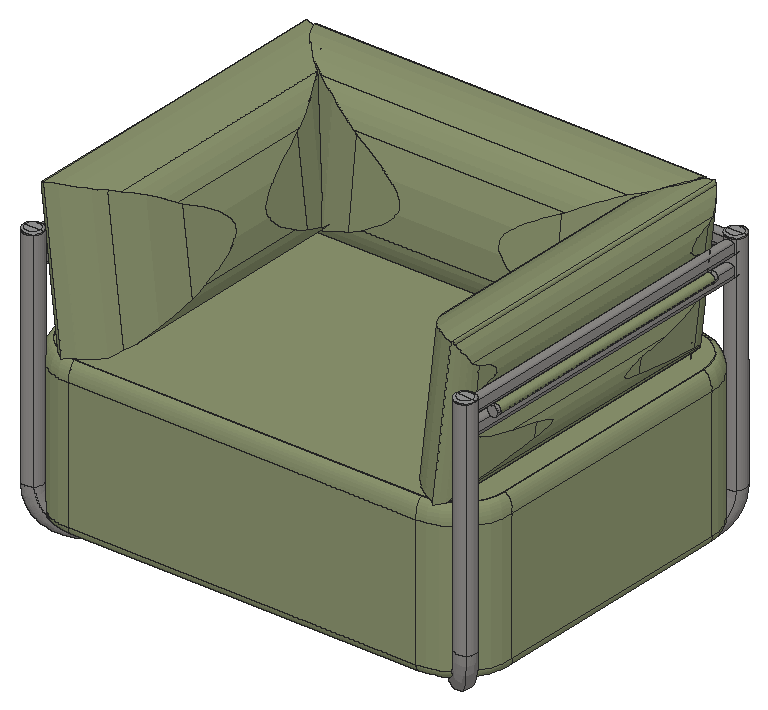
Revit family "FU_Modular_Sandler_Cosmo 1500", category Furniture, Revit 2020
Family settings
  OmniClass Number = 23.40.20.00
  OmniClass Title = General Furniture and Specialties
  Work Plane-Based = No
  Always vertical = Yes
  Cut with Voids When Loaded = No
  Shared = No
  Room Calculation Point = No
Parameters (values of type "Cosmo 1500")
  Width = 1110 mm
  URL = "https://www.sandlerseating.com/product/cosmo-1500/"
  Seat [instance] = Fabric - X2 - Algebra AK005
  Model = "Cosmo 1500"
  Manufacturer = "Sandler"
  Height = 800 mm
  Frame [instance] = Metal - Paint -AL VR - Pewter
  Description = "This comfortable armchair is part of the Cosmo range of modular seating. Upholstered seat, back, and armrests. Exposed steel frame that comes in a variety of color options."
  Depth = 880 mm
  Default Elevation = 0 mm
Reference planes
  plane 1 "Center (Front/Back)": y = 0
  plane 2: z = 0
  plane 3 "Center (Left/Right)": x = 0
  plane 4 "Right": x = -555
  plane 5 "Left": x = 555
  plane 6 "Back": y = 440
  plane 7 "Front": y = -440
  plane 8 "Height": z = 800
  plane 9 "Seat height": z = 440
  plane 10 "Frame Base C RIGHT": z = 33.282
  plane 11 "Frame Front C RIGHT": y = -414.45
  plane 12 "Frame Back C RIGHT": y = 415.775
  plane 13 "Frame Left C FRONT": x = 530.501
  plane 14 "Frame Back Left C TOP": through (209.563, 94.979, 1200) normal (-0.7071, 0.7071, 0)
  plane 15 "Frame Front C TOP": through (209.497, -93.945, 1200) normal (0.7071, 0.7071, 0)
  plane 16 "Frame Right C FRONT": x = -530.501
Forms (mm)
  Sweep 1, solid, material "Metal - Paint -AL VR - Pewter" <- "Frame"
    path origin (0, 0, 33.282) x (0, -1, 0) y (1, 0, 0)
      loop
        line (319.706, 435.757) -> (73.771, 189.822)
        arc (73.771, 189.822) -> (-0.733, 158.961) -> (-75.238, 189.822) r 105.365
        line (-75.238, 189.822) -> (-321.173, 435.757)
    profile "Pro_Circles : 48mm" origin (312.789, -196.738, 33.282) x (-0.707107, -0.707107, 0) y (0, 0, 1)
      loop
        arc (-23.967, 0.067) -> (-17.014, -16.92) -> (-0.066, -23.967) r 23.901
        arc (-0.066, -23.967) -> (16.967, -16.967) -> (23.967, 0.067) r 23.901
        arc (23.967, 0.067) -> (16.92, 17.014) -> (-0.067, 23.967) r 23.9
        arc (-0.067, 23.967) -> (-16.966, 16.966) -> (-23.967, 0.067) r 23.9
  Sweep 2, solid, material "Metal - Paint -AL VR - Pewter" <- "Frame"
    path origin (57.776, 57.776, 0) x (-0.707107, 0.707107, 0) y (0, 0, 1)
      loop
        line (-667.237, 691) -> (-667.237, 138.282)
        arc (-667.237, 138.282) -> (-636.483, 64.036) -> (-562.237, 33.282) r 105
        line (-562.237, 33.282) -> (-532.237, 33.282)
    profile "Pro_Circles : 48mm" origin (529.584, -414.032, 414.641) x (-0.707107, 0.707107, 0) y (0.707107, 0.707107, 0)
      loop
        arc (-23.967, 0.067) -> (-17.014, -16.92) -> (-0.066, -23.967) r 23.901
        arc (-0.066, -23.967) -> (16.967, -16.967) -> (23.967, 0.067) r 23.901
        arc (23.967, 0.067) -> (16.92, 17.014) -> (-0.067, 23.967) r 23.9
        arc (-0.067, 23.967) -> (-16.966, 16.966) -> (-23.967, 0.067) r 23.9
  Sweep 3, solid, material "Metal - Paint -AL VR - Pewter" <- "Frame"
    path origin (57.776, -57.776, 0) x (-0.707107, -0.707107, 0) y (0, 0, -1)
      loop
        line (-667.237, -691) -> (-667.237, -138.282)
        arc (-667.237, -138.282) -> (-636.483, -64.036) -> (-562.237, -33.282) r 105
        line (-562.237, -33.282) -> (-532.237, -33.282)
    profile "Pro_Circles : 48mm" origin (529.584, 414.032, 414.641) x (0.707107, 0.707107, 0) y (0.707107, -0.707107, 0)
      loop
        arc (23.967, 0.067) -> (16.966, 16.966) -> (0.067, 23.967) r 23.9
        arc (0.067, 23.967) -> (-16.92, 17.014) -> (-23.967, 0.067) r 23.9
        arc (-23.967, 0.067) -> (-16.967, -16.967) -> (0.066, -23.967) r 23.901
        arc (0.066, -23.967) -> (17.014, -16.92) -> (23.967, 0.067) r 23.901
  Sweep 4, solid, material "Metal - Paint -AL VR - Pewter" <- "Frame"
    path origin (0, 0, 33.282) x (0, -1, 0) y (-1, 0, 0)
      loop
        line (319.706, 435.757) -> (73.771, 189.822)
        arc (73.771, 189.822) -> (-0.733, 158.961) -> (-75.238, 189.822) r 105.365
        line (-75.238, 189.822) -> (-321.173, 435.757)
    profile "Pro_Circles : 48mm" origin (-312.789, -196.738, 33.282) x (-0.707107, 0.707107, 0) y (0, 0, 1)
      loop
        arc (23.967, 0.067) -> (16.966, 16.966) -> (0.067, 23.967) r 23.9
        arc (0.067, 23.967) -> (-16.92, 17.014) -> (-23.967, 0.067) r 23.9
        arc (-23.967, 0.067) -> (-16.967, -16.967) -> (0.066, -23.967) r 23.901
        arc (0.066, -23.967) -> (17.014, -16.92) -> (23.967, 0.067) r 23.901
  Sweep 5, solid, material "Metal - Paint -AL VR - Pewter" <- "Frame"
    path origin (-57.776, 57.776, 0) x (0.707107, 0.707107, 0) y (0, 0, -1)
      loop
        line (-667.237, -691) -> (-667.237, -138.282)
        arc (-667.237, -138.282) -> (-636.483, -64.036) -> (-562.237, -33.282) r 105
        line (-562.237, -33.282) -> (-532.237, -33.282)
    profile "Pro_Circles : 48mm" origin (-529.584, -414.032, 414.641) x (-0.707107, -0.707107, 0) y (-0.707107, 0.707107, 0)
      loop
        arc (23.967, 0.067) -> (16.966, 16.966) -> (0.067, 23.967) r 23.9
        arc (0.067, 23.967) -> (-16.92, 17.014) -> (-23.967, 0.067) r 23.9
        arc (-23.967, 0.067) -> (-16.967, -16.967) -> (0.066, -23.967) r 23.901
        arc (0.066, -23.967) -> (17.014, -16.92) -> (23.967, 0.067) r 23.901
  Sweep 6, solid, material "Metal - Paint -AL VR - Pewter" <- "Frame"
    path origin (-57.776, -57.776, 0) x (0.707107, -0.707107, 0) y (0, 0, 1)
      loop
        line (-667.237, 691) -> (-667.237, 138.282)
        arc (-667.237, 138.282) -> (-636.483, 64.036) -> (-562.237, 33.282) r 105
        line (-562.237, 33.282) -> (-532.237, 33.282)
    profile "Pro_Circles : 48mm" origin (-529.584, 414.032, 414.641) x (0.707107, -0.707107, 0) y (-0.707107, -0.707107, 0)
      loop
        arc (-23.967, 0.067) -> (-17.014, -16.92) -> (-0.066, -23.967) r 23.901
        arc (-0.066, -23.967) -> (16.967, -16.967) -> (23.967, 0.067) r 23.901
        arc (23.967, 0.067) -> (16.92, 17.014) -> (-0.067, 23.967) r 23.9
        arc (-0.067, 23.967) -> (-16.966, 16.966) -> (-23.967, 0.067) r 23.9
  Sweep 7, solid, material "Metal - Paint -AL VR - Pewter" <- "Frame"
    path origin (530.501, 0, 0) x (0, 0, 1) y (0, -1, 0)
      loop
        line (667.4, 414.45) -> (667.4, -415.775)
    profile "Pro_Cosmo_Oval Tube : Pro_Cosmo_Oval Tube" origin (530.501, 0.662, 667.4) x (0, 0, 1) y (1, 0, 0)
      loop
        arc (-10.07, 10) -> (-20.07, 0) -> (-10.07, -10) r 10
        line (-10.07, -10) -> (10.07, -10)
        arc (10.07, -10) -> (20.07, 0) -> (10.07, 10) r 10
        line (10.07, 10) -> (-10.07, 10)
  Sweep 8, solid, material "Metal - Paint -AL VR - Pewter" <- "Frame"
    path origin (530.501, 0, 0) x (0, 0, 1) y (0, -1, 0)
      loop
        line (617.39, -415.775) -> (617.39, 414.45)
    profile "Pro_Cosmo_Oval Tube : Pro_Cosmo_Oval Tube" origin (530.501, 0.662, 617.39) x (0, 0, -1) y (1, 0, 0)
      loop
        arc (-10.07, 10) -> (-20.07, 0) -> (-10.07, -10) r 10
        line (-10.07, -10) -> (10.07, -10)
        arc (10.07, -10) -> (20.07, 0) -> (10.07, 10) r 10
        line (10.07, 10) -> (-10.07, 10)
  Sweep 9, solid, material "Metal - Paint -AL VR - Pewter" <- "Frame"
    path origin (530.501, 0, 0) x (0, 0, 1) y (0, -1, 0)
      loop
        line (642.954, -318.158) -> (642.954, 352.842)
    profile "Pro_Circles : 20mm" origin (530.501, -17.342, 642.954) x (0, 0, -1) y (1, 0, 0)
      loop
        arc (-9.967, 18.567) -> (-7.115, 11.48) -> (-0.067, 8.533) r 9.901
        arc (-0.067, 8.533) -> (7.068, 11.432) -> (9.967, 18.567) r 9.901
        arc (9.967, 18.567) -> (7.02, 25.615) -> (-0.067, 28.467) r 9.901
        arc (-0.067, 28.467) -> (-7.067, 25.567) -> (-9.967, 18.567) r 9.9
  Sweep 10, solid, material "Metal - Paint -AL VR - Pewter" <- "Frame"
    path origin (530.501, -0.925, 0) x (0, 0, 1) y (0, -1, 0)
      loop
        line (642.954, 344.821) -> (642.954, 352.842)
    profile "Pro_Circles : 24mm" origin (530.501, -349.757, 642.954) x (0, 0, -1) y (1, 0, 0)
      loop
        arc (-11.967, 18.567) -> (-8.529, 10.066) -> (-0.067, 6.533) r 11.901
        arc (-0.067, 6.533) -> (8.482, 10.018) -> (11.967, 18.567) r 11.901
        arc (11.967, 18.567) -> (8.434, 27.029) -> (-0.067, 30.467) r 11.901
        arc (-0.067, 30.467) -> (-8.481, 26.981) -> (-11.967, 18.567) r 11.9
  Sweep 11, solid, material "Metal - Paint -AL VR - Pewter" <- "Frame"
    path origin (530.501, -33.679, 0) x (0, 0, 1) y (0, 1, 0)
      loop
        line (642.954, 344.821) -> (642.954, 352.842)
    profile "Pro_Circles : 24mm" origin (530.501, 315.153, 642.954) x (0, 0, 1) y (1, 0, 0)
      loop
        arc (11.967, 18.567) -> (8.481, 26.981) -> (0.067, 30.467) r 11.9
        arc (0.067, 30.467) -> (-8.434, 27.029) -> (-11.967, 18.567) r 11.901
        arc (-11.967, 18.567) -> (-8.482, 10.018) -> (0.067, 6.533) r 11.901
        arc (0.067, 6.533) -> (8.529, 10.066) -> (11.967, 18.567) r 11.901
  Sweep 12, solid, material "Metal - Paint -AL VR - Pewter" <- "Frame"
    path origin (-530.501, 0, 0) x (0, 0, 1) y (0, 1, 0)
      loop
        line (667.4, -414.45) -> (667.4, 415.775)
    profile "Pro_Cosmo_Oval Tube : Pro_Cosmo_Oval Tube" origin (-530.501, 0.662, 667.4) x (0, 0, -1) y (-1, 0, 0)
      loop
        line (-10.07, -10) -> (10.07, -10)
        arc (10.07, -10) -> (20.07, 0) -> (10.07, 10) r 10
        line (10.07, 10) -> (-10.07, 10)
        arc (-10.07, 10) -> (-20.07, 0) -> (-10.07, -10) r 10
  Sweep 13, solid, material "Metal - Paint -AL VR - Pewter" <- "Frame"
    path origin (-530.501, 0, 0) x (0, 0, 1) y (0, 1, 0)
      loop
        line (617.39, 415.775) -> (617.39, -414.45)
    profile "Pro_Cosmo_Oval Tube : Pro_Cosmo_Oval Tube" origin (-530.501, 0.662, 617.39) x (0, 0, 1) y (-1, 0, 0)
      loop
        line (-10.07, -10) -> (10.07, -10)
        arc (10.07, -10) -> (20.07, 0) -> (10.07, 10) r 10
        line (10.07, 10) -> (-10.07, 10)
        arc (-10.07, 10) -> (-20.07, 0) -> (-10.07, -10) r 10
  Sweep 14, solid, material "Metal - Paint -AL VR - Pewter" <- "Frame"
    path origin (0, 415.775, 0) x (0, 0, 1) y (1, 0, 0)
      loop
        line (667.39, -530.832) -> (667.39, 530.168)
    profile "Pro_Cosmo_Oval Tube : Pro_Cosmo_Oval Tube" origin (-0.332, 415.775, 667.39) x (0, 0, -1) y (0, 1, 0)
      loop
        arc (-10.07, 10) -> (-20.07, 0) -> (-10.07, -10) r 10
        line (-10.07, -10) -> (10.07, -10)
        arc (10.07, -10) -> (20.07, 0) -> (10.07, 10) r 10
        line (10.07, 10) -> (-10.07, 10)
  Sweep 15, solid, material "Metal - Paint -AL VR - Pewter" <- "Frame"
    path origin (0, 415.775, 0) x (0, 0, 1) y (1, 0, 0)
      loop
        line (619.39, -530.832) -> (619.39, 530.168)
    profile "Pro_Cosmo_Oval Tube : Pro_Cosmo_Oval Tube" origin (-0.332, 415.775, 619.39) x (0, 0, -1) y (0, 1, 0)
      loop
        arc (-10.07, 10) -> (-20.07, 0) -> (-10.07, -10) r 10
        line (-10.07, -10) -> (10.07, -10)
        arc (10.07, -10) -> (20.07, 0) -> (10.07, 10) r 10
        line (10.07, 10) -> (-10.07, 10)
  Sweep 16, solid, material "Metal - Paint -AL VR - Pewter" <- "Frame"
    path origin (0, 415.775, 0) x (0, 0, 1) y (1, 0, 0)
      loop
        line (643.39, -334) -> (643.39, 334)
    profile "Pro_Circles : 20mm" origin (0, 415.775, 643.39) x (0, 0, -1) y (0, 1, 0)
      loop
        arc (-9.967, 18.567) -> (-7.115, 11.48) -> (-0.067, 8.533) r 9.901
        arc (-0.067, 8.533) -> (7.068, 11.432) -> (9.967, 18.567) r 9.901
        arc (9.967, 18.567) -> (7.02, 25.615) -> (-0.067, 28.467) r 9.901
        arc (-0.067, 28.467) -> (-7.067, 25.567) -> (-9.967, 18.567) r 9.9
  Sweep 17, solid, material "Metal - Paint -AL VR - Pewter" <- "Frame"
    path origin (1.367, 415.775, 0) x (0, 0, 1) y (1, 0, 0)
      loop
        line (643.39, 325.957) -> (643.39, 333.957)
    profile "Pro_Circles : 24mm" origin (331.324, 415.775, 643.39) x (0, 0, -1) y (0, 1, 0)
      loop
        arc (-11.967, 18.567) -> (-8.529, 10.066) -> (-0.067, 6.533) r 11.901
        arc (-0.067, 6.533) -> (8.482, 10.018) -> (11.967, 18.567) r 11.901
        arc (11.967, 18.567) -> (8.434, 27.029) -> (-0.067, 30.467) r 11.901
        arc (-0.067, 30.467) -> (-8.481, 26.981) -> (-11.967, 18.567) r 11.9
  Sweep 18, solid, material "Metal - Paint -AL VR - Pewter" <- "Frame"
    path origin (-530.501, 0, 0) x (0, 0, 1) y (0, 1, 0)
      loop
        line (642.954, 318.158) -> (642.954, -352.842)
    profile "Pro_Circles : 20mm" origin (-530.501, -17.342, 642.954) x (0, 0, 1) y (-1, 0, 0)
      loop
        arc (9.967, 18.567) -> (7.067, 25.567) -> (0.067, 28.467) r 9.9
        arc (0.067, 28.467) -> (-7.02, 25.615) -> (-9.967, 18.567) r 9.901
        arc (-9.967, 18.567) -> (-7.068, 11.432) -> (0.067, 8.533) r 9.901
        arc (0.067, 8.533) -> (7.115, 11.48) -> (9.967, 18.567) r 9.901
  Sweep 19, solid, material "Metal - Paint -AL VR - Pewter" <- "Frame"
    path origin (-530.501, -0.925, 0) x (0, 0, 1) y (0, 1, 0)
      loop
        line (642.954, -344.821) -> (642.954, -352.842)
    profile "Pro_Circles : 24mm" origin (-530.501, -349.757, 642.954) x (0, 0, 1) y (-1, 0, 0)
      loop
        arc (11.967, 18.567) -> (8.481, 26.981) -> (0.067, 30.467) r 11.9
        arc (0.067, 30.467) -> (-8.434, 27.029) -> (-11.967, 18.567) r 11.901
        arc (-11.967, 18.567) -> (-8.482, 10.018) -> (0.067, 6.533) r 11.901
        arc (0.067, 6.533) -> (8.529, 10.066) -> (11.967, 18.567) r 11.901
  Sweep 20, solid, material "Metal - Paint -AL VR - Pewter" <- "Frame"
    path origin (-530.501, -33.679, 0) x (0, 0, 1) y (0, 1, 0)
      loop
        line (642.954, 344.821) -> (642.954, 352.842)
    profile "Pro_Circles : 24mm" origin (-530.501, 315.153, 642.954) x (0, 0, -1) y (-1, 0, 0)
      loop
        arc (-11.967, 18.567) -> (-8.529, 10.066) -> (-0.067, 6.533) r 11.901
        arc (-0.067, 6.533) -> (8.482, 10.018) -> (11.967, 18.567) r 11.901
        arc (11.967, 18.567) -> (8.434, 27.029) -> (-0.067, 30.467) r 11.901
        arc (-0.067, 30.467) -> (-8.481, 26.981) -> (-11.967, 18.567) r 11.9
  Sweep 21, solid, material "Metal - Paint -AL VR - Pewter" <- "Frame"
    path origin (-1.367, 415.775, 0) x (0, 0, 1) y (-1, 0, 0)
      loop
        line (643.39, 325.957) -> (643.39, 333.957)
    profile "Pro_Circles : 24mm" origin (-331.324, 415.775, 643.39) x (0, 0, 1) y (0, 1, 0)
      loop
        arc (11.967, 18.567) -> (8.481, 26.981) -> (0.067, 30.467) r 11.9
        arc (0.067, 30.467) -> (-8.434, 27.029) -> (-11.967, 18.567) r 11.901
        arc (-11.967, 18.567) -> (-8.482, 10.018) -> (0.067, 6.533) r 11.901
        arc (0.067, 6.533) -> (8.529, 10.066) -> (11.967, 18.567) r 11.901
  Revolve 22, solid, material "Rubber, Black"
    sketch origin (-0.781, -414.45, 0) x (0, 0, -1) y (1, 0, 0)
      loop
        line (-695.421, 530.33) -> (-695.421, 511.266)
        arc (-695.421, 511.266) -> (-694.22, 508.04) -> (-691.201, 506.385) r 4.933
        arc (-691.201, 506.385) -> (-690.636, 506.55) -> (-690.39, 507.086) r 0.708
        line (-690.39, 507.086) -> (-690.39, 508.836) -> (-685.421, 508.836) -> (-685.421, 530.33) -> (-695.421, 530.33)
      axis (-695.421, 530.33) -> (-685.421, 530.33)
    angle from 0 to 360
  Revolve 23, solid, material "Rubber, Black"
    sketch origin (0.781, -414.45, 0) x (0, 0, -1) y (-1, 0, 0)
      loop
        line (-695.421, 530.33) -> (-695.421, 511.266)
        arc (-695.421, 511.266) -> (-694.22, 508.04) -> (-691.201, 506.385) r 4.933
        arc (-691.201, 506.385) -> (-690.636, 506.55) -> (-690.39, 507.086) r 0.708
        line (-690.39, 507.086) -> (-690.39, 508.836) -> (-685.421, 508.836) -> (-685.421, 530.33) -> (-695.421, 530.33)
      axis (-695.421, 530.33) -> (-685.421, 530.33)
    angle from 0 to 360
  Revolve 24, solid, material "Rubber, Black"
    sketch origin (-0.781, 414.001, 0) x (0, 0, -1) y (-1, 0, 0)
      loop
        line (-695.421, -530.33) -> (-685.421, -530.33) -> (-685.421, -508.836) -> (-690.39, -508.836) -> (-690.39, -507.086)
        arc (-690.39, -507.086) -> (-690.636, -506.55) -> (-691.201, -506.385) r 0.708
        arc (-691.201, -506.385) -> (-694.22, -508.04) -> (-695.421, -511.266) r 4.933
        line (-695.421, -511.266) -> (-695.421, -530.33)
      axis (-695.421, -530.33) -> (-685.421, -530.33)
    angle from 0 to 360
  Revolve 25, solid, material "Rubber, Black"
    sketch origin (0.781, 414.001, 0) x (0, 0, -1) y (-1, 0, 0)
      loop
        line (-695.421, 530.33) -> (-695.421, 511.266)
        arc (-695.421, 511.266) -> (-694.22, 508.04) -> (-691.201, 506.385) r 4.933
        arc (-691.201, 506.385) -> (-690.636, 506.55) -> (-690.39, 507.086) r 0.708
        line (-690.39, 507.086) -> (-690.39, 508.836) -> (-685.421, 508.836) -> (-685.421, 530.33) -> (-695.421, 530.33)
      axis (-695.421, 530.33) -> (-685.421, 530.33)
    angle from 0 to 360
  Extrusion 26, solid, material "Rubber, Black"
    sketch origin (0, 0, 0) x (1, 0, 0) y (0, 1, 0)
      loop
        circle (384.746, 270.162) r 12.5
    from 0 to 33.282
  Extrusion 27, solid, material "Rubber, Black"
    sketch origin (0, 0, 0) x (1, 0, 0) y (0, 1, 0)
      loop
        circle (384.746, -270.162) r 12.5
    from 0 to 33.282
  Extrusion 28, solid, material "Rubber, Black"
    sketch origin (0, 0, 0) x (-1, 0, 0) y (0, -1, 0)
      loop
        circle (384.746, -270.162) r 12.5
    from 0 to 33.282
  Extrusion 29, solid, material "Rubber, Black"
    sketch origin (0, 0, 0) x (-1, 0, 0) y (0, -1, 0)
      loop
        circle (384.746, 270.162) r 12.5
    from 0 to 33.282
  Extrusion 30, solid, material "Fabric - X2 - Algebra AK005" <- "Seat"
    sketch origin (0, 0, 33.282) x (0, -1, 0) y (1, 0, 0)
      loop
        arc (-415.775, -425.667) -> (-383.557, -503.448) -> (-305.775, -535.667) r 110
        line (-305.775, -535.667) -> (304.45, -535.667)
        arc (304.45, -535.667) -> (382.232, -503.448) -> (414.45, -425.667) r 110
        line (414.45, -425.667) -> (414.45, 425.667)
        arc (414.45, 425.667) -> (382.232, 503.448) -> (304.45, 535.667) r 110
        line (304.45, 535.667) -> (-305.775, 535.667)
        arc (-305.775, 535.667) -> (-383.557, 503.448) -> (-415.775, 425.667) r 110
        line (-415.775, 425.667) -> (-415.775, -425.667)
    from 25.7 to 406.718
  Sweep 31, solid, material "Fabric - X2 - Algebra AK005" <- "Seat"
    path in 3D
      loop
        arc (-535.667, -304.45, 440) -> (-503.448, -382.232, 440) -> (-425.667, -414.45, 440) r 110
        line (-425.667, -414.45, 440) -> (425.667, -414.45, 440)
        arc (425.667, -414.45, 440) -> (503.448, -382.232, 440) -> (535.667, -304.45, 440) r 110
        line (535.667, -304.45, 440) -> (535.667, 305.775, 440)
        arc (535.667, 305.775, 440) -> (503.448, 383.557, 440) -> (425.667, 415.775, 440) r 110
        line (425.667, 415.775, 440) -> (-425.667, 415.775, 440)
        arc (-425.667, 415.775, 440) -> (-503.448, 383.557, 440) -> (-535.667, 305.775, 440) r 110
        line (-535.667, 305.775, 440) -> (-535.667, -304.45, 440)
    profile "Pro_Cosmo_SeatEdge : Pro_Cosmo_SeatEdge" origin (-535.667, 0.662, 440) x (1, 0, 0) y (0, 0, 1)
      loop
        line (-21, -42) -> (-21, -360)
        arc (-21, -360) -> (-14.849, -374.849) -> (0, -381) r 21
        line (0, -381) -> (0, 0)
        spline (0, 0) -> (-2.741, -0.359) -> (-5.435, -1.431) -> (-8.036, -3.197) -> (-10.5, -5.627) -> (-12.784, -8.679) -> (-14.849, -12.302) -> (-16.66, -16.432) -> (-18.187, -21) -> (-19.401, -25.927) -> (-20.284, -31.13) -> (-20.82, -36.518) -> (-21, -42)
Cuts and joins
  joined: Sweep 9, Sweep 10, Sweep 11
  joined: Sweep 18, Sweep 19, Sweep 20
  joined: Sweep 16, Sweep 17, Sweep 21
Lines and regions (mm)
  sketch lines
    curve 1: line (-535.667, 305.775, 440) -> (-535.667, -304.45, 440)
    curve 2: arc (-425.667, -414.45, 440) -> (-503.448, -382.232, 440) -> (-535.667, -304.45, 440) r 110
    curve 3: line (-425.667, -414.45, 440) -> (425.667, -414.45, 440)
    curve 4: arc (535.667, -304.45, 440) -> (503.448, -382.232, 440) -> (425.667, -414.45, 440) r 110
    curve 5: line (535.667, -304.45, 440) -> (535.667, 305.775, 440)
    curve 6: arc (425.667, 415.775, 440) -> (503.448, 383.557, 440) -> (535.667, 305.775, 440) r 110
    curve 7: line (425.667, 415.775, 440) -> (-425.667, 415.775, 440)
    curve 8: arc (-535.667, 305.775, 440) -> (-503.448, 383.557, 440) -> (-425.667, 415.775, 440) r 110
Dimensions and locks
  equal spacing: plane 4 "Right", plane 3 "Center (Left/Right)", plane 5 "Left"
  "Width": plane 4 "Right" to plane 5 "Left"
  equal spacing: plane 6 "Back", plane 1 "Center (Front/Back)", plane 7 "Front"
  "Depth": plane 6 "Back" to plane 7 "Front"
  "Height": plane 8 "Height" to level
  plane 9 "Seat height" to level = 440 mm
  aligned and locked: level to plane 2
Automatic sketch dimensions
  Sweep 1 sketch curve to plane 14 "Frame Back Left C TOP" = 0 mm  (x2)
  Sweep 1 sketch curve to plane 1 "Center (Front/Back)" = 75.238 mm
  Sweep 1 sketch curve to plane 1 "Center (Front/Back)" = 0.733 mm
  plane 1 "Center (Front/Back)" to Sweep 1 sketch curve = 73.771 mm
  Sweep 1 sketch curve to Sweep 1 sketch curve = 74.504 mm
  Sweep 1 sketch curve to plane 12 "Frame Back C RIGHT" = 94.602 mm
  Sweep 1 sketch curve to plane 11 "Frame Front C RIGHT" = 94.744 mm
  Sweep 1 sketch curve to plane 13 "Frame Left C FRONT" = 94.744 mm
  plane 10 "Frame Base C RIGHT" to Sweep 2 sketch curve = 0 mm
  plane 10 "Frame Base C RIGHT" to Sweep 2 sketch curve = 105 mm
  Sweep 2 sketch curve to plane 14 "Frame Back Left C TOP" = 586.214 mm
  Sweep 2 sketch curve to Sweep 2 sketch curve = 30 mm
  Sweep 2 sketch curve to plane 8 "Height" = 109 mm
  Sweep 3 sketch curve to plane 10 "Frame Base C RIGHT" = 0 mm
  plane 10 "Frame Base C RIGHT" to Sweep 3 sketch curve = 105 mm
  plane 15 "Frame Front C TOP" to Sweep 3 sketch curve = 585.529 mm
  Sweep 3 sketch curve to Sweep 3 sketch curve = 30 mm
  Sweep 3 sketch curve to plane 8 "Height" = 109 mm
  plane 1 "Center (Front/Back)" to Sweep 4 sketch curve = 75.238 mm
  plane 1 "Center (Front/Back)" to Sweep 4 sketch curve = 0.733 mm
  Sweep 4 sketch curve to plane 1 "Center (Front/Back)" = 73.771 mm
  plane 3 "Center (Left/Right)" to Sweep 4 sketch curve = 189.822 mm
  Sweep 4 sketch curve to Sweep 4 sketch curve = 74.504 mm
  plane 12 "Frame Back C RIGHT" to Sweep 4 sketch curve = 94.602 mm
  plane 11 "Frame Front C RIGHT" to Sweep 4 sketch curve = 94.744 mm
  plane 4 "Right" to Sweep 4 sketch curve = 119.243 mm  (x2)
  plane 10 "Frame Base C RIGHT" to Sweep 5 sketch curve = 0 mm
  plane 10 "Frame Base C RIGHT" to Sweep 5 sketch curve = 105 mm
  Sweep 5 sketch curve to plane 15 "Frame Front C TOP" = 748.945 mm
  Sweep 5 sketch curve to Sweep 5 sketch curve = 30 mm
  Sweep 5 sketch curve to plane 8 "Height" = 109 mm
  Sweep 6 sketch curve to plane 10 "Frame Base C RIGHT" = 0 mm
  plane 10 "Frame Base C RIGHT" to Sweep 6 sketch curve = 105 mm
  plane 14 "Frame Back Left C TOP" to Sweep 6 sketch curve = 748.26 mm
  Sweep 6 sketch curve to Sweep 6 sketch curve = 30 mm
  Sweep 6 sketch curve to plane 8 "Height" = 109 mm
  Sweep 7 sketch curve to plane 12 "Frame Back C RIGHT" = 0 mm
  Sweep 7 sketch curve to plane 11 "Frame Front C RIGHT" = 0 mm
  Sweep 7 sketch curve to plane 8 "Height" = 132.6 mm
  Sweep 8 sketch curve to plane 11 "Frame Front C RIGHT" = 0 mm
  Sweep 8 sketch curve to plane 12 "Frame Back C RIGHT" = 0 mm
  plane 9 "Seat height" to Sweep 8 sketch curve = 177.39 mm
  Sweep 9 sketch curve to plane 11 "Frame Front C RIGHT" = 61.608 mm
  Sweep 9 sketch curve to plane 8 "Height" = 157.046 mm
  Sweep 9 sketch curve to plane 12 "Frame Back C RIGHT" = 97.617 mm
  Sweep 10 sketch curve to plane 11 "Frame Front C RIGHT" = 60.683 mm
  Sweep 10 sketch curve to plane 8 "Height" = 157.046 mm
  Sweep 10 sketch curve to Sweep 10 sketch curve = 8.021 mm
  plane 8 "Height" to Sweep 11 sketch curve = 157.046 mm
  plane 12 "Frame Back C RIGHT" to Sweep 11 sketch curve = 104.633 mm
  Sweep 11 sketch curve to Sweep 11 sketch curve = 8.021 mm
  Sweep 12 sketch curve to plane 12 "Frame Back C RIGHT" = 0 mm
  Sweep 12 sketch curve to plane 11 "Frame Front C RIGHT" = 0 mm
  Sweep 12 sketch curve to plane 8 "Height" = 132.6 mm
  Sweep 13 sketch curve to plane 11 "Frame Front C RIGHT" = 0 mm
  Sweep 13 sketch curve to plane 12 "Frame Back C RIGHT" = 0 mm
  plane 9 "Seat height" to Sweep 13 sketch curve = 177.39 mm
  Sweep 14 sketch curve to plane 13 "Frame Left C FRONT" = 0.333 mm
  Sweep 14 sketch curve to plane 8 "Height" = 132.61 mm
  Sweep 14 sketch curve to plane 4 "Right" = 24.168 mm
  Sweep 15 sketch curve to plane 13 "Frame Left C FRONT" = 0.333 mm
  plane 9 "Seat height" to Sweep 15 sketch curve = 179.39 mm
  Sweep 15 sketch curve to plane 4 "Right" = 24.168 mm
  Sweep 16 sketch curve to plane 8 "Height" = 156.61 mm
  Sweep 16 sketch curve to plane 4 "Right" = 221 mm
  Sweep 16 sketch curve to plane 13 "Frame Left C FRONT" = 196.501 mm
  Sweep 17 sketch curve to plane 8 "Height" = 156.61 mm
  Sweep 17 sketch curve to plane 13 "Frame Left C FRONT" = 203.177 mm
  Sweep 17 sketch curve to Sweep 17 sketch curve = 8 mm
  Sweep 18 sketch curve to plane 11 "Frame Front C RIGHT" = 61.608 mm
  Sweep 18 sketch curve to plane 8 "Height" = 157.046 mm
  Sweep 18 sketch curve to plane 12 "Frame Back C RIGHT" = 97.617 mm
  Sweep 19 sketch curve to plane 11 "Frame Front C RIGHT" = 60.683 mm
  Sweep 19 sketch curve to plane 8 "Height" = 157.046 mm
  Sweep 19 sketch curve to Sweep 19 sketch curve = 8.021 mm
  Sweep 20 sketch curve to plane 8 "Height" = 157.046 mm
  Sweep 20 sketch curve to plane 12 "Frame Back C RIGHT" = 104.633 mm
  Sweep 20 sketch curve to Sweep 20 sketch curve = 8.021 mm
  plane 8 "Height" to Sweep 21 sketch curve = 156.61 mm
  plane 4 "Right" to Sweep 21 sketch curve = 227.676 mm
  Sweep 21 sketch curve to Sweep 21 sketch curve = 8 mm
  Revolve 22 sketch curve to plane 13 "Frame Left C FRONT" = 0.952 mm  (x2)
  Revolve 22 sketch curve to plane 8 "Height" = 104.579 mm
  Revolve 22 sketch curve to Revolve 22 sketch curve = 4.322 mm
  Revolve 22 sketch curve to Revolve 22 sketch curve = 0.611 mm
  Revolve 22 sketch curve to Revolve 22 sketch curve = 0.708 mm
  Revolve 22 sketch curve to Revolve 22 sketch curve = 4.97 mm
  Revolve 22 sketch curve to Revolve 22 sketch curve = 19.065 mm
  Revolve 22 sketch curve to Revolve 22 sketch curve = 2.43 mm
  Revolve 22 sketch curve to Revolve 22 sketch curve = 1.75 mm
  Revolve 22 sketch curve to Revolve 22 sketch curve = 7.372 mm
  Revolve 22 sketch curve to Revolve 22 sketch curve = 19.192 mm
  plane 4 "Right" to Revolve 23 sketch curve = 25.451 mm
  plane 8 "Height" to Revolve 23 sketch curve = 104.579 mm
  Revolve 23 sketch curve to Revolve 23 sketch curve = 4.322 mm
  Revolve 23 sketch curve to Revolve 23 sketch curve = 0.611 mm
  Revolve 23 sketch curve to Revolve 23 sketch curve = 0.708 mm
  Revolve 23 sketch curve to Revolve 23 sketch curve = 4.97 mm
  Revolve 23 sketch curve to Revolve 23 sketch curve = 19.065 mm
  Revolve 23 sketch curve to Revolve 23 sketch curve = 2.43 mm
  Revolve 23 sketch curve to Revolve 23 sketch curve = 1.75 mm
  Revolve 23 sketch curve to Revolve 23 sketch curve = 7.372 mm
  Revolve 23 sketch curve to Revolve 23 sketch curve = 19.192 mm
  Revolve 23 sketch curve to Revolve 23 sketch curve = 0 mm
  Revolve 24 sketch curve to plane 13 "Frame Left C FRONT" = 0.952 mm  (x2)
  Revolve 24 sketch curve to plane 8 "Height" = 104.579 mm
  Revolve 24 sketch curve to Revolve 24 sketch curve = 4.322 mm
  Revolve 24 sketch curve to Revolve 24 sketch curve = 0.611 mm
  Revolve 24 sketch curve to Revolve 24 sketch curve = 0.708 mm
  Revolve 24 sketch curve to Revolve 24 sketch curve = 4.97 mm
  Revolve 24 sketch curve to Revolve 24 sketch curve = 19.065 mm
  Revolve 24 sketch curve to Revolve 24 sketch curve = 2.43 mm
  Revolve 24 sketch curve to Revolve 24 sketch curve = 1.75 mm
  Revolve 24 sketch curve to Revolve 24 sketch curve = 7.372 mm
  Revolve 24 sketch curve to Revolve 24 sketch curve = 19.192 mm
  Revolve 25 sketch curve to plane 4 "Right" = 25.451 mm
  Revolve 25 sketch curve to plane 8 "Height" = 104.579 mm
  Revolve 25 sketch curve to Revolve 25 sketch curve = 4.322 mm
  Revolve 25 sketch curve to Revolve 25 sketch curve = 0.611 mm
  Revolve 25 sketch curve to Revolve 25 sketch curve = 0.708 mm
  Revolve 25 sketch curve to Revolve 25 sketch curve = 4.97 mm
  Revolve 25 sketch curve to Revolve 25 sketch curve = 19.065 mm
  Revolve 25 sketch curve to Revolve 25 sketch curve = 2.43 mm
  Revolve 25 sketch curve to Revolve 25 sketch curve = 1.75 mm
  Revolve 25 sketch curve to Revolve 25 sketch curve = 7.372 mm
  Revolve 25 sketch curve to Revolve 25 sketch curve = 19.192 mm
  Revolve 25 sketch curve to Revolve 25 sketch curve = 0 mm
  Extrusion 26 sketch curve to plane 14 "Frame Back Left C TOP" = 0 mm
  Extrusion 26 sketch curve to plane 12 "Frame Back C RIGHT" = 145.613 mm
  plane 13 "Frame Left C FRONT" to Extrusion 27 sketch curve = 145.755 mm
  plane 11 "Frame Front C RIGHT" to Extrusion 27 sketch curve = 144.288 mm
  plane 4 "Right" to Extrusion 28 sketch curve = 170.254 mm
  plane 12 "Frame Back C RIGHT" to Extrusion 28 sketch curve = 145.613 mm
  Extrusion 29 sketch curve to plane 4 "Right" = 170.254 mm
  Extrusion 29 sketch curve to plane 11 "Frame Front C RIGHT" = 144.288 mm
  Extrusion 30 sketch curve to plane 12 "Frame Back C RIGHT" = 0 mm
  plane 11 "Frame Front C RIGHT" to Extrusion 30 sketch curve = 0 mm
  plane 16 "Frame Right C FRONT" to Extrusion 30 sketch curve = 5.165 mm
  Extrusion 30 sketch curve to plane 12 "Frame Back C RIGHT" = 110 mm  (x2)
  plane 13 "Frame Left C FRONT" to Extrusion 30 sketch curve = 5.165 mm
  Extrusion 30 sketch curve to plane 16 "Frame Right C FRONT" = 104.835 mm
  Extrusion 30 sketch curve to plane 13 "Frame Left C FRONT" = 104.835 mm
  radius of Extrusion 26 sketch curve = 12.5 mm
  radius of Extrusion 27 sketch curve = 12.5 mm
  radius of Extrusion 28 sketch curve = 12.5 mm
  radius of Extrusion 29 sketch curve = 12.5 mm
Nested families
  nested 1: "Cosmo_Cushion_Back" at (0, 320.477, 1.692), Cushion <- "Seat", type "Cosmo_Cushion_Back"
    with Cushion Fabric - X2 - Algebra AK005
  nested 2: "Cosmo_Cushion_Arm" at (-435.331, -17.161, 1.25), Cushion <- "Seat", type "Cosmo_Cushion_Arm"
    with Cushion Fabric - X2 - Algebra AK005
  nested 3: "Cosmo_Cushion_Arm" at (435.331, -17.161, 1.25) x (-1, 0, 0) z (0, 0, 1), Cushion <- "Seat", type "Cosmo_Cushion_Arm"
    with Cushion Fabric - X2 - Algebra AK005
Definition of nested family "Cosmo_Cushion_Back"
  Parameters (values of type "Cosmo_Cushion_Back")
    Width = 470 mm
    Height = 895 mm
    Depth = 503 mm
    Default Elevation = 0 mm
    Cushion [instance] = none
  Reference planes
    plane 1 "Center (Front/Back)": y = 0
    plane 2: z = 0
    plane 3 "Center (Left/Right)": x = 0
    plane 4 "Right": x = -235
    plane 5 "Left": x = 235
    plane 6 "Back": y = 251.5
    plane 7 "Front": y = -251.5
    plane 8 "Height": z = 895
    plane 9 "Seat height": z = 610
  Forms (mm)
    Extrusion 1, solid, material <- "Cushion"
      sketch origin (0, -71.553, 4.157) x (0, 0.993272, -0.115804) y (0, 0.115804, 0.993272)
        loop
          arc (41.159, 812.819) -> (-14.136, 800.872) -> (-62.73, 771.909) r 174.996
          arc (-62.73, 771.909) -> (-87.968, 742.637) -> (-102.759, 706.93) r 121.741
          arc (-102.759, 706.93) -> (-120.989, 610.725) -> (-110.053, 513.42) r 328.506
          arc (-110.053, 513.42) -> (-92.656, 476.931) -> (-63.329, 449.109) r 110.825
          arc (-63.329, 449.109) -> (-12.607, 427.271) -> (42.487, 423.5) r 164.061
          arc (42.487, 423.5) -> (46.686, 425.715) -> (48.953, 429.886) r 8.201
          arc (48.953, 429.886) -> (61.044, 443.076) -> (69.891, 458.629) r 79.783
          arc (69.891, 458.629) -> (89.843, 502.541) -> (86.114, 550.63) r 96.742
          arc (86.114, 550.63) -> (72.495, 621.117) -> (78.671, 692.642) r 260.015
          arc (78.671, 692.642) -> (81, 726.495) -> (72.828, 759.429) r 109.238
          arc (72.828, 759.429) -> (63.174, 784.321) -> (47.936, 806.244) r 112.715
          arc (47.936, 806.244) -> (45.978, 811.006) -> (41.159, 812.819) r 6.452
      from -490 to 490
    Extrusion 2, void
      sketch origin (0, -71.553, 4.157) x (1, 0, 0) y (0, 0.993272, -0.115804)
        loop
          arc (-426.484, 76.363) -> (-456.97, 65.364) -> (-478.684, 41.303) r 66.755
          arc (-478.684, 41.303) -> (-447.517, -12.378) -> (-398.634, -50.633) r 164.019
          arc (-398.634, -50.633) -> (-327.352, -84.25) -> (-251.139, -104.317) r 430.737
          arc (-251.139, -104.317) -> (-125.992, -120.779) -> (0, -128.434) r 1800.959
          arc (0, -128.434) -> (125.992, -120.779) -> (251.139, -104.317) r 1800.959
          arc (251.139, -104.317) -> (327.352, -84.25) -> (398.634, -50.633) r 430.737
          arc (398.634, -50.633) -> (447.517, -12.378) -> (478.684, 41.303) r 164.019
          arc (478.684, 41.303) -> (456.97, 65.364) -> (426.484, 76.363) r 66.755
          arc (426.484, 76.363) -> (330.848, 84.495) -> (235, 89.519) r 2958.413
          arc (235, 89.519) -> (117.518, 93.011) -> (0, 94.988) r 9120.193
          arc (0, 94.988) -> (-117.518, 93.011) -> (-235, 89.519) r 9120.193
          arc (-235, 89.519) -> (-330.848, 84.495) -> (-426.484, 76.363) r 2958.413
        loop
          line (-500, 135) -> (-500, -135) -> (500, -135) -> (500, 135) -> (-500, 135)
      from 380.143 to 855.619
    Extrusion 3, solid, material <- "Cushion"
      sketch origin (0, -71.553, 4.157) x (0, 0.993272, -0.115804) y (0, 0.115804, 0.993272)
        loop
          arc (102.559, 646.805) -> (121.202, 654.681) -> (102.61, 662.676) r 11
          arc (102.61, 662.676) -> (81.213, 656.455) -> (67.34, 673.893) r 20
          line (67.34, 673.893) -> (67.34, 635.527)
          arc (67.34, 635.527) -> (81.175, 652.954) -> (102.559, 646.805) r 20
      from -328 to 328
  Cuts and joins
    Extrusion 2 cuts Extrusion 1
  Dimensions and locks
    equal spacing: plane 4 "Right", plane 3 "Center (Left/Right)", plane 5 "Left"
    "Width": plane 4 "Right" to plane 5 "Left"
    equal spacing: plane 6 "Back", plane 1 "Center (Front/Back)", plane 7 "Front"
    "Depth": plane 6 "Back" to plane 7 "Front"
    "Height": plane 8 "Height" to level
    plane 9 "Seat height" to level = 610 mm
    aligned and locked: level to plane 2
  Automatic sketch dimensions
    plane 1 "Center (Front/Back)" to Extrusion 1 sketch curve = 22.957 mm
    plane 9 "Seat height" to Extrusion 1 sketch curve = 124.85 mm
    Extrusion 1 sketch curve to Extrusion 1 sketch curve = 8.526 mm
    Extrusion 1 sketch curve to Extrusion 1 sketch curve = 22.393 mm
    Extrusion 1 sketch curve to Extrusion 1 sketch curve = 1.986 mm
    Extrusion 1 sketch curve to Extrusion 1 sketch curve = 2.433 mm
    Extrusion 1 sketch curve to Extrusion 1 sketch curve = 43.505 mm
    Extrusion 1 sketch curve to Extrusion 1 sketch curve = 28.981 mm
    Extrusion 1 sketch curve to Extrusion 1 sketch curve = 44.366 mm
    Extrusion 1 sketch curve to Extrusion 1 sketch curve = 77.833 mm
    Extrusion 1 sketch curve to Extrusion 1 sketch curve = 34.301 mm
    Extrusion 1 sketch curve to Extrusion 1 sketch curve = 157.299 mm
    Extrusion 1 sketch curve to Extrusion 1 sketch curve = 124.87 mm
    Extrusion 1 sketch curve to Extrusion 1 sketch curve = 14.43 mm
    Extrusion 1 sketch curve to Extrusion 1 sketch curve = 38.19 mm
    Extrusion 1 sketch curve to Extrusion 1 sketch curve = 40.738 mm
    Extrusion 1 sketch curve to Extrusion 1 sketch curve = 3.321 mm
    Extrusion 1 sketch curve to Extrusion 1 sketch curve = 36.374 mm
    Extrusion 1 sketch curve to Extrusion 1 sketch curve = 51.318 mm
    Extrusion 1 sketch curve to Extrusion 1 sketch curve = 44.656 mm
    Extrusion 1 sketch curve to Extrusion 1 sketch curve = 22.732 mm
    Extrusion 1 sketch curve to Extrusion 1 sketch curve = 29.289 mm
    Extrusion 1 sketch curve to Extrusion 1 sketch curve = 58.501 mm
    Extrusion 1 sketch curve to Extrusion 1 sketch curve = 74.971 mm
    Extrusion 1 sketch curve to Extrusion 1 sketch curve = 26.382 mm
    Extrusion 1 sketch curve to Extrusion 1 sketch curve = 0 mm  (x4)
    Extrusion 1 sketch curve to Extrusion 1 sketch curve = 59.886 mm
    Extrusion 1 sketch curve to Extrusion 1 sketch curve = 66.411 mm
    Extrusion 1 sketch curve to Extrusion 1 sketch curve = 1.564 mm
    Extrusion 1 sketch curve to Extrusion 1 sketch curve = 6.451 mm
    Extrusion 1 sketch curve to Extrusion 1 sketch curve = 8.03 mm
    Extrusion 1 sketch curve to Extrusion 1 sketch curve = 20.938 mm
    Extrusion 1 sketch curve to Extrusion 1 sketch curve = 24.892 mm
    Extrusion 2 sketch curve to plane 4 "Right" = 0 mm  (x2)
    Extrusion 2 sketch curve to plane 3 "Center (Left/Right)" = 0 mm  (x2)
    Extrusion 2 sketch curve to plane 5 "Left" = 0 mm  (x2)
    plane 4 "Right" to Extrusion 2 sketch curve = 88.818 mm
    Extrusion 2 sketch curve to Extrusion 2 sketch curve = 95.932 mm  (x2)
    Extrusion 2 sketch curve to Extrusion 2 sketch curve = 80.25 mm  (x2)
    Extrusion 2 sketch curve to plane 4 "Right" = 54.969 mm
    Extrusion 2 sketch curve to plane 4 "Right" = 106.934 mm
    Extrusion 2 sketch curve to plane 3 "Center (Left/Right)" = 94.655 mm
    Extrusion 2 sketch curve to plane 3 "Center (Left/Right)" = 46.168 mm
    plane 3 "Center (Left/Right)" to Extrusion 2 sketch curve = 46.168 mm
    plane 3 "Center (Left/Right)" to Extrusion 2 sketch curve = 94.655 mm
    plane 5 "Left" to Extrusion 2 sketch curve = 106.934 mm
    plane 5 "Left" to Extrusion 2 sketch curve = 54.969 mm
    Extrusion 2 sketch curve to plane 5 "Left" = 88.818 mm
    Extrusion 2 sketch curve to Extrusion 2 sketch curve = 0 mm  (x6)
    Extrusion 2 sketch curve to Extrusion 2 sketch curve = 6157.753 mm
    Extrusion 2 sketch curve to Extrusion 2 sketch curve = 224.519 mm
    Extrusion 2 sketch curve to Extrusion 2 sketch curve = 144.948 mm  (x2)
    Extrusion 2 sketch curve to Extrusion 2 sketch curve = 5.809 mm  (x2)
    Extrusion 2 sketch curve to Extrusion 2 sketch curve = 58.637 mm
    Extrusion 2 sketch curve to Extrusion 2 sketch curve = 230.991 mm  (x2)
    Extrusion 2 sketch curve to Extrusion 2 sketch curve = 1351.421 mm
    plane 4 "Right" to Extrusion 2 sketch curve = 16.139 mm
    Extrusion 2 sketch curve to Extrusion 2 sketch curve = 21.116 mm  (x2)
    plane 9 "Seat height" to Extrusion 3 sketch curve = 55.718 mm
    Extrusion 3 sketch curve to plane 1 "Center (Front/Back)" = 73.374 mm
    Extrusion 3 sketch curve to Extrusion 3 sketch curve = 19.934 mm  (x2)
    Extrusion 3 sketch curve to Extrusion 3 sketch curve = 22.928 mm
    Extrusion 3 sketch curve to Extrusion 3 sketch curve = 19.177 mm
    Extrusion 3 sketch curve to Extrusion 3 sketch curve = 38.366 mm
    Extrusion 3 sketch curve to Extrusion 3 sketch curve = 1.621 mm  (x2)
    Extrusion 3 sketch curve to Extrusion 3 sketch curve = 7.643 mm
Definition of nested family "Cosmo_Cushion_Arm"
  Parameters (values of type "Cosmo_Cushion_Arm")
    Width = 816 mm
    Height = 895 mm
    Depth = 242 mm
    Default Elevation = 0 mm
    Cushion [instance] = none
  Reference planes
    plane 1 "Center (Front/Back)": y = 0
    plane 2: z = 0
    plane 3 "Center (Left/Right)": x = 0
    plane 4 "Right": x = -408
    plane 5 "Left": x = 408
    plane 6 "Back": y = 121
    plane 7 "Front": y = -121
    plane 8 "Height": z = 895
    plane 9 "Seat height": z = 610
  Forms (mm)
    Extrusion 1, solid, material <- "Cushion"
      sketch origin (71.559, 0.04, 4.157) x (-0.993272, 0, -0.115804) y (-0.115804, 0, 0.993272)
        loop
          arc (41.159, 812.819) -> (-14.136, 800.872) -> (-62.73, 771.909) r 174.996
          arc (-62.73, 771.909) -> (-87.968, 742.637) -> (-102.759, 706.93) r 121.741
          arc (-102.759, 706.93) -> (-120.989, 610.725) -> (-110.053, 513.42) r 328.506
          arc (-110.053, 513.42) -> (-92.656, 476.931) -> (-63.329, 449.109) r 110.825
          arc (-63.329, 449.109) -> (-12.607, 427.271) -> (42.487, 423.5) r 164.061
          arc (42.487, 423.5) -> (46.686, 425.715) -> (48.953, 429.886) r 8.201
          arc (48.953, 429.886) -> (61.044, 443.076) -> (69.891, 458.629) r 79.783
          arc (69.891, 458.629) -> (89.843, 502.541) -> (86.114, 550.63) r 96.742
          arc (86.114, 550.63) -> (72.495, 621.117) -> (78.671, 692.642) r 260.015
          arc (78.671, 692.642) -> (81, 726.495) -> (72.828, 759.429) r 109.238
          arc (72.828, 759.429) -> (63.174, 784.321) -> (47.936, 806.244) r 112.715
          arc (47.936, 806.244) -> (45.978, 811.006) -> (41.159, 812.819) r 6.452
      from -490 to 490
    Extrusion 2, void
      sketch origin (71.559, 0.04, 4.157) x (0, 1, 0) y (-0.993272, 0, -0.115804)
        loop
          arc (-351.484, 76.363) -> (-381.97, 65.364) -> (-403.684, 41.303) r 66.755
          arc (-403.684, 41.303) -> (-372.517, -12.378) -> (-323.634, -50.633) r 164.019
          arc (-323.634, -50.633) -> (-252.352, -84.25) -> (-176.139, -104.317) r 430.737
          arc (-176.139, -104.317) -> (-88.32, -116.801) -> (0.006, -124.946) r 1800.959
          arc (0.006, -124.946) -> (88.332, -116.801) -> (176.15, -104.317) r 1800.959
          arc (176.15, -104.317) -> (252.364, -84.25) -> (323.646, -50.633) r 430.737
          arc (323.646, -50.633) -> (372.529, -12.378) -> (403.696, 41.303) r 164.019
          arc (403.696, 41.303) -> (381.982, 65.364) -> (351.495, 76.363) r 66.755
          arc (351.495, 76.363) -> (255.86, 84.495) -> (160.012, 89.519) r 2958.413
          arc (160.012, 89.519) -> (80.019, 92.061) -> (0.006, 93.901) r 9120.193
          arc (0.006, 93.901) -> (-80.007, 92.061) -> (-160, 89.519) r 9120.193
          arc (-160, 89.519) -> (-255.848, 84.495) -> (-351.484, 76.363) r 2958.413
        loop
          line (-500, 135) -> (-500, -135) -> (500, -135) -> (500, 135) -> (-500, 135)
      from 380.143 to 855.619
    Extrusion 3, solid, material <- "Cushion"
      sketch origin (71.559, 0.04, 4.157) x (-0.993272, 0, -0.115804) y (-0.115804, 0, 0.993272)
        loop
          arc (102.559, 646.805) -> (121.202, 654.681) -> (102.61, 662.676) r 11
          arc (102.61, 662.676) -> (81.213, 656.455) -> (67.34, 673.893) r 20
          line (67.34, 673.893) -> (67.34, 635.527)
          arc (67.34, 635.527) -> (81.175, 652.954) -> (102.559, 646.805) r 20
      from -328 to 328
  Cuts and joins
    Extrusion 2 cuts Extrusion 1
  Dimensions and locks
    equal spacing: plane 4 "Right", plane 3 "Center (Left/Right)", plane 5 "Left"
    "Width": plane 4 "Right" to plane 5 "Left"
    equal spacing: plane 6 "Back", plane 1 "Center (Front/Back)", plane 7 "Front"
    "Depth": plane 6 "Back" to plane 7 "Front"
    "Height": plane 8 "Height" to level
    plane 9 "Seat height" to level = 610 mm
    aligned and locked: level to plane 2
  Automatic sketch dimensions
    plane 3 "Center (Left/Right)" to Extrusion 1 sketch curve = 22.963 mm
    plane 9 "Seat height" to Extrusion 1 sketch curve = 124.85 mm
    Extrusion 1 sketch curve to Extrusion 1 sketch curve = 8.526 mm
    Extrusion 1 sketch curve to Extrusion 1 sketch curve = 22.393 mm
    Extrusion 1 sketch curve to Extrusion 1 sketch curve = 1.986 mm
    Extrusion 1 sketch curve to Extrusion 1 sketch curve = 2.433 mm
    Extrusion 1 sketch curve to Extrusion 1 sketch curve = 43.505 mm
    Extrusion 1 sketch curve to Extrusion 1 sketch curve = 28.981 mm
    Extrusion 1 sketch curve to Extrusion 1 sketch curve = 44.366 mm
    Extrusion 1 sketch curve to Extrusion 1 sketch curve = 77.833 mm
    Extrusion 1 sketch curve to Extrusion 1 sketch curve = 34.301 mm
    Extrusion 1 sketch curve to Extrusion 1 sketch curve = 157.299 mm
    Extrusion 1 sketch curve to Extrusion 1 sketch curve = 124.87 mm
    Extrusion 1 sketch curve to Extrusion 1 sketch curve = 14.43 mm
    Extrusion 1 sketch curve to Extrusion 1 sketch curve = 38.19 mm
    Extrusion 1 sketch curve to Extrusion 1 sketch curve = 40.738 mm
    Extrusion 1 sketch curve to Extrusion 1 sketch curve = 3.321 mm
    Extrusion 1 sketch curve to Extrusion 1 sketch curve = 36.374 mm
    Extrusion 1 sketch curve to Extrusion 1 sketch curve = 51.318 mm
    Extrusion 1 sketch curve to Extrusion 1 sketch curve = 44.656 mm
    Extrusion 1 sketch curve to Extrusion 1 sketch curve = 22.732 mm
    Extrusion 1 sketch curve to Extrusion 1 sketch curve = 29.289 mm
    Extrusion 1 sketch curve to Extrusion 1 sketch curve = 58.501 mm
    Extrusion 1 sketch curve to Extrusion 1 sketch curve = 74.971 mm
    Extrusion 1 sketch curve to Extrusion 1 sketch curve = 26.382 mm
    Extrusion 1 sketch curve to Extrusion 1 sketch curve = 0 mm  (x4)
    Extrusion 1 sketch curve to Extrusion 1 sketch curve = 59.886 mm
    Extrusion 1 sketch curve to Extrusion 1 sketch curve = 66.411 mm
    Extrusion 1 sketch curve to Extrusion 1 sketch curve = 1.564 mm
    Extrusion 1 sketch curve to Extrusion 1 sketch curve = 6.451 mm
    Extrusion 1 sketch curve to Extrusion 1 sketch curve = 8.03 mm
    Extrusion 1 sketch curve to Extrusion 1 sketch curve = 20.938 mm
    Extrusion 1 sketch curve to Extrusion 1 sketch curve = 24.892 mm
    Extrusion 2 sketch curve to plane 7 "Front" = 378.96 mm
    Extrusion 2 sketch curve to Extrusion 2 sketch curve = 155.25 mm
    Extrusion 2 sketch curve to plane 7 "Front" = 127.778 mm
    Extrusion 2 sketch curve to plane 7 "Front" = 48.604 mm
    Extrusion 2 sketch curve to plane 7 "Front" = 0.117 mm
    plane 7 "Front" to Extrusion 2 sketch curve = 16.008 mm
    plane 1 "Center (Front/Back)" to Extrusion 2 sketch curve = 53.027 mm
    Extrusion 2 sketch curve to plane 1 "Center (Front/Back)" = 53.118 mm
    Extrusion 2 sketch curve to plane 6 "Back" = 15.917 mm
    plane 6 "Back" to Extrusion 2 sketch curve = 0.208 mm
    plane 6 "Back" to Extrusion 2 sketch curve = 48.695 mm
    plane 6 "Back" to Extrusion 2 sketch curve = 127.87 mm
    Extrusion 2 sketch curve to Extrusion 2 sketch curve = 95.932 mm
    Extrusion 2 sketch curve to Extrusion 2 sketch curve = 155.238 mm
    Extrusion 2 sketch curve to Extrusion 2 sketch curve = 0 mm  (x10)
    Extrusion 2 sketch curve to Extrusion 2 sketch curve = 6157.753 mm
    Extrusion 2 sketch curve to Extrusion 2 sketch curve = 2731.961 mm
    Extrusion 2 sketch curve to Extrusion 2 sketch curve = 144.948 mm  (x2)
    Extrusion 2 sketch curve to Extrusion 2 sketch curve = 85.38 mm  (x2)
    Extrusion 2 sketch curve to Extrusion 2 sketch curve = 125.052 mm
    Extrusion 2 sketch curve to Extrusion 2 sketch curve = 225.182 mm
    Extrusion 2 sketch curve to Extrusion 2 sketch curve = 1351.421 mm
    Extrusion 2 sketch curve to Extrusion 2 sketch curve = 58.934 mm
    Extrusion 2 sketch curve to Extrusion 2 sketch curve = 52.2 mm
    Extrusion 2 sketch curve to Extrusion 2 sketch curve = 21.116 mm  (x2)
    Extrusion 2 sketch curve to plane 1 "Center (Front/Back)" = 0.046 mm  (x2)
    plane 9 "Seat height" to Extrusion 3 sketch curve = 55.718 mm
    Extrusion 3 sketch curve to plane 3 "Center (Left/Right)" = 73.368 mm
    Extrusion 3 sketch curve to Extrusion 3 sketch curve = 19.934 mm  (x2)
    Extrusion 3 sketch curve to Extrusion 3 sketch curve = 22.928 mm
    Extrusion 3 sketch curve to Extrusion 3 sketch curve = 19.177 mm
    Extrusion 3 sketch curve to Extrusion 3 sketch curve = 38.366 mm
    Extrusion 3 sketch curve to Extrusion 3 sketch curve = 1.621 mm  (x2)
    Extrusion 3 sketch curve to Extrusion 3 sketch curve = 7.643 mm
